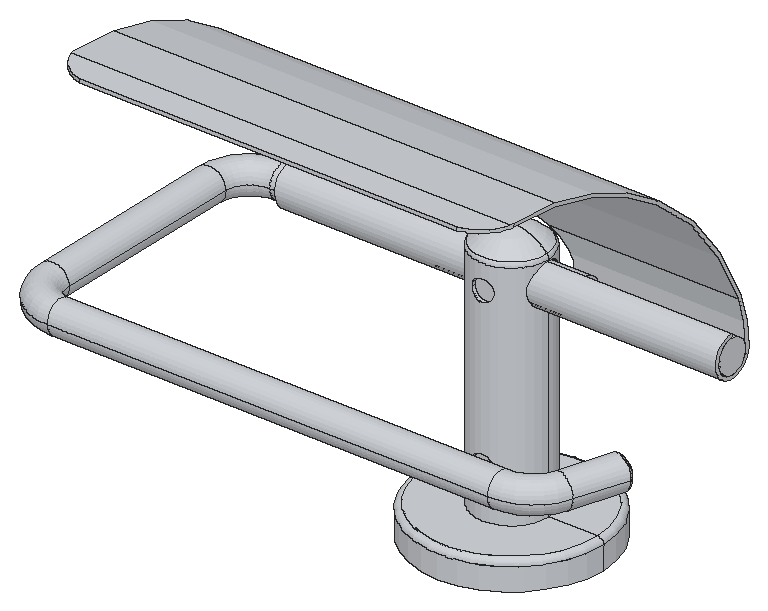
Revit family "Accessory-Tissue_Holder-KOHLER-KUMIN-K-97901T_1", category Specialty Equipment, host Face, Revit 2017
Family settings
  Host = Face
  Round Connector Dimension = Use Diameter
  Part Type = Normal
  OmniClass Number = 23.31.25.00
  Cut with Voids When Loaded = No
  Shared = No
  Room Calculation Point = No
Parameters (values of type "CP-Polished Chrome")
  Width = 5 121/256"  # constant formula
  WaterSense Certified = 1 = 0  # no
  URL = "https://www.kohler.com.cn/"
  Type = 1
  Product Page URL = "https://www.kohler.com.cn/product/K-97901T-CP/K-97901T-CP/"
  Product Name = "KUMIN"  # constant formula
  Product Documentation Link = "https://files.kohler.com.cn/pdfs/1489027735923_97878.pdf"
  Model = if(Type = 1, "K-97901T-CP", if(Type = 2, "K-97901T-BL", "NA"))  # "K-97901T-CP"
  Material = "Premium Metal Construction"  # constant formula
  Master Format 2014 Name = "Toilet, Bath, and Laundry Accessories"  # constant formula
  Master Format 2014 = "10 28 00"  # constant formula
  Manufacturer Address = "Kohler Beijing Office (100016) 36-2-03-B, No. 88, Liuxiang Road, Beijing"  # constant formula
  Manufacturer = "KOHLER Co."  # constant formula
  Length = 4 145/256"  # constant formula
  Height = 3 105/128"  # constant formula
  Finish = Kohler-Metal-CP-Polished_Chrome
  Environmental Product Declaration = ""
  Description = "Kemei toilet paper holder (with cover)"  # constant formula
  Default Elevation = 42"
  Declare Label = ""
  Date Modified = "10/15/2020"  # constant formula
  Date Created = "10/15/2020"  # constant formula
  Copyright = "Copyright KOHLER Co."  # constant formula
  Contact Us = "https://www.kohler.com.cn/contact/contact-us/"
  Assembly Code = "C1030200"
  ADA Compliant = 1 = 0  # no
Types (3): name | Type | Product Page URL | Model | Finish
  (no name) | 1 | "https://www.kohler.com.cn/product/K-97901T-CP/K-97901T-CP/" | "K-97901T-CP" | Kohler-Metal-CP-Polished_Chrome
  CP-Polished Chrome | 1 | "https://www.kohler.com.cn/product/K-97901T-CP/K-97901T-CP/" | "K-97901T-CP" | Kohler-Metal-CP-Polished_Chrome
  BL-Matte Black | 2 | "https://www.kohler.com.cn/product/K-97901T-CP/K-97901T-BL/" | "K-97901T-BL" | Kohler-Metal-BL-Matte_Black
Reference planes (in)
  plane 1 "Center (Front/Back)": y = 0
  plane 2: z = 0
  plane 3 "Center (Left/Right)": x = 0
  plane 4: z = 4.56641
  plane 5: y = -2.93307
  plane 6: z = 0.27559
  plane 7: y = 0.88724
  plane 8: y = -0.88583
  plane 9: z = 2.28346
  plane 10: x = 2.71474
  plane 11: x = -2.75792
  plane 12: x = -0.88583
  plane 13: x = 0.88583
Dimensions and locks (in)
  "Width": plane 11 to plane 10
  "Height": plane 5 to plane 7
  "Length": level to plane 4
  level to plane 9 = 2.28346"
  level to plane 6 = 0.27559"
  plane 8 to plane 7 = 1.77307"
  plane 12 to plane 13 = 1.77165"
  aligned and locked: plane 2 to host face
  aligned and locked: level to host face
Automatic sketch dimensions
  host sketch curve to host sketch curve = 96"  (x2)
Nested families (in)
  nested 1: "K-97901T" at (0, 0, 0), type "K-97901T"
Definition of nested family "K-97901T"
  Parameters (values of type "K-97901T")
    Material = none
  Reference planes (in)
    plane 1 "Center (Front/Back)": y = 0
    plane 2: z = 0
    plane 3 "Center (Left/Right)": x = 0
    plane 4: x = -0.88583
    plane 5: x = 0.88583
    plane 6: y = 0.88583
    plane 7: y = -0.88583
    plane 8: y = -2.93307
    plane 9: x = 2.71474
    plane 10: z = 0.27559
    plane 11: z = 2.28346
    plane 12: z = 4.56693
    plane 13: x = -2.7577
  Forms (in)
    Revolve 1, solid, material <- "Material", detail levels medium+fine
      sketch origin (0, 0, 0) x (1, 0, 0) y (0, 0, 1)
        loop
          line (0, 0) -> (0, 2.68881)
          arc (0, 2.68881) -> (-0.18472, 2.64974) -> (-0.3384, 2.54007) r 0.46219
          arc (-0.3384, 2.54007) -> (-0.35062, 2.52054) -> (-0.35488, 2.4979) r 0.06219
          line (-0.35488, 2.4979) -> (-0.35488, 0.27559) -> (-0.82846, 0.27559)
          arc (-0.82846, 0.27559) -> (-0.86902, 0.25879) -> (-0.88583, 0.21822) r 0.05737
          line (-0.88583, 0.21822) -> (-0.88583, 0) -> (0, 0)
        axis (0, 0) -> (0, 2.68881)
      angle from 0 to 360
    Sweep 2, solid, material <- "Material", detail levels medium+fine
      path origin (0, 3.21631, 2.28346) x (0, 1, 0) y (-1, 0, 0)
        loop
          line (-3.21631, -2.12598) -> (-3.21631, 2.20472)
          arc (-3.21631, 2.20472) -> (-3.33195, 2.48392) -> (-3.61115, 2.59957) r 0.39484
          line (-3.61115, 2.59957) -> (-5.50164, 2.59957)
          arc (-5.50164, 2.59957) -> (-5.77935, 2.48454) -> (-5.89438, 2.20683) r 0.39273
          line (-5.89438, 2.20683) -> (-5.89438, -2.03697)
          arc (-5.89438, -2.03697) -> (-5.8203, -2.26623) -> (-5.62608, -2.4088) r 0.3918
          line (-5.62608, -2.4088) -> (-5.00617, -2.61471)
      profile origin (-0.03937, 0, 2.28346) x (0, -1, 0) y (0, 0, 1)
        loop
          circle (-0.00059, -0.00048) r 0.15748
    Sweep 3, solid, material <- "Material", detail levels medium+fine
      path origin (0, 0, 0) x (0, 1, 0) y (0, 0, 1)
        loop
          arc (0, 2.46457) -> (-0.12991, 2.15728) -> (0.18103, 2.2782) r 0.1811
          arc (0.18103, 2.2782) -> (0.16293, 2.51813) -> (0.09551, 2.74911) r 1.15511
          arc (0.09551, 2.74911) -> (-0.31136, 3.44741) -> (-0.89454, 4.00693) r 2.91109
          arc (-0.89454, 4.00693) -> (-1.48475, 4.338) -> (-2.13462, 4.52676) r 2.96798
          arc (-2.13462, 4.52676) -> (-2.39292, 4.55866) -> (-2.65305, 4.56693) r 2.85811
          arc (-2.65305, 4.56693) -> (-2.79306, 4.56597) -> (-2.93307, 4.56693) r 10.1782
      profile origin (0, 0.18103, 2.2782) x (0, -0.999578, 0.029043) y (1, 0, 0)
        loop
          line (-0.01575, -2.1261) -> (0.01575, -2.1261) -> (0.01575, 2.12511) -> (-0.01575, 2.12511) -> (-0.01575, -2.1261)
    Revolve 4, void
      sketch origin (0, 3.21631, 2.28346) x (0, 1, 0) y (-1, 0, 0)
        loop
          line (-4.95095, -2.63367) -> (-4.87719, -2.41162) -> (-5.14473, -2.32275) -> (-5.16562, -2.38564) -> (-5.11562, -2.40225)
          arc (-5.11562, -2.40225) -> (-5.08466, -2.4214) -> (-5.06562, -2.45244) r 0.07874
          arc (-5.06562, -2.45244) -> (-5.05474, -2.52384) -> (-5.06769, -2.5949) r 0.21897
          line (-5.06769, -2.5949) -> (-4.95095, -2.63367)
        axis (-5.21849, -2.54481) -> (-4.95095, -2.63367)
      angle from 0 to 360
    Extrusion 5, void
      sketch origin (0, 0, 0) x (1, 0, 0) y (0, 1, 0)
        loop
          line (1.73928, -2.94073) -> (1.55193, -2.94073) -> (1.55193, -3.07852) -> (2.24159, -3.07852) -> (2.24159, -2.2525) -> (2.13298, -2.2525) -> (2.13298, -2.54703)
          arc (2.13298, -2.54703) -> (2.01767, -2.82542) -> (1.73928, -2.94073) r 0.3937
        loop
          arc (-1.73928, -2.94073) -> (-2.01767, -2.82542) -> (-2.13298, -2.54703) r 0.3937
          line (-2.13298, -2.54703) -> (-2.13298, -2.2525) -> (-2.24159, -2.2525) -> (-2.24159, -3.07852) -> (-1.55193, -3.07852) -> (-1.55193, -2.94073) -> (-1.73928, -2.94073)
      from 4.03758 to 5.27737
    Extrusion 6, void
      sketch origin (0, 0, 0) x (1, 0, 0) y (0, 0, 1)
        loop
          line (-0.4685, 1.93479) -> (0.47244, 1.93479) -> (0.47244, 2.46063)
          arc (0.47244, 2.46063) -> (0.00197, 2.84076) -> (-0.4685, 2.46063) r 0.48121
          line (-0.4685, 2.46063) -> (-0.4685, 1.93479)
      from -0.88668 to -0.02748
    Revolve 7, void
      sketch origin (0, 0, 0) x (1, 0, 0) y (0, 0, 1)
        loop
          line (-0.40779, 2.28346) -> (0.40779, 2.28346) -> (0.40779, 2.59254) -> (0.36419, 2.59254) -> (0.36419, 2.50646)
          arc (0.36419, 2.50646) -> (0.3573, 2.48982) -> (0.34066, 2.48293) r 0.02353
          line (0.34066, 2.48293) -> (-0.34095, 2.48293)
          arc (-0.34095, 2.48293) -> (-0.35759, 2.48982) -> (-0.36448, 2.50646) r 0.02353
          line (-0.36448, 2.50646) -> (-0.36448, 2.59254) -> (-0.40779, 2.59254) -> (-0.40779, 2.28346)
        axis (-0.40779, 2.28346) -> (0.40779, 2.28346)
      angle from 0 to 360
    Extrusion 8, solid, material <- "Material", detail levels medium+fine
      sketch origin (0, 0, 0) x (0, 1, 0) y (0, 0, 1)
        loop
          circle (0.00059, 2.28298) r 0.15748
        loop
          circle (0.00059, 2.28298) r 0.18276
      from -0.62712 to 0.69832
    Extrusion 9, void
      sketch origin (0, 0, 0) x (1, 0, 0) y (0, 0, 1)
        loop
          circle (0, 0.74871) r 0.10468
        loop
          circle (0, 2.26305) r 0.10541
      from 0.31323 to 0.94004
    Revolve 10, solid, material <- "Material", detail levels coarse
      sketch origin (0, 0, 0) x (1, 0, 0) y (0, 0, 1)
        loop
          line (0, 0) -> (0, 2.68499) -> (-0.2049, 2.68499)
          arc (-0.2049, 2.68499) -> (-0.31056, 2.64122) -> (-0.35433, 2.53555) r 0.14943
          line (-0.35433, 2.53555) -> (-0.35433, 0.27559) -> (-0.88583, 0.27559) -> (-0.88583, 0) -> (0, 0)
        axis (0, 0) -> (0, 2.68499)
      angle from 0 to 360
    Sweep 11, solid, material <- "Material", detail levels coarse
      path origin (0, 3.21631, 2.28346) x (0, 1, 0) y (-1, 0, 0)
        loop
          line (-3.21631, -2.12511) -> (-3.21631, 2.13247)
          arc (-3.21631, 2.13247) -> (-3.35299, 2.46244) -> (-3.68296, 2.59912) r 0.46665
          line (-3.68296, 2.59912) -> (-5.49389, 2.59912)
          arc (-5.49389, 2.59912) -> (-5.77228, 2.48381) -> (-5.88759, 2.20542) r 0.3937
          line (-5.88759, 2.20542) -> (-5.88759, -1.97812)
          arc (-5.88759, -1.97812) -> (-5.79547, -2.26305) -> (-5.55398, -2.44012) r 0.48671
          line (-5.55398, -2.44012) -> (-5.13054, -2.58044)
      profile origin (-0.00368, 0, 2.28346) x (0, -1, 0) y (0, 0, 1)
        loop
          circle (0, 0) r 0.1571
    Extrusion 12, solid, material <- "Material", detail levels coarse
      sketch origin (0, 0, 0) x (0, 1, 0) y (0, 0, 1)
        loop
          arc (0.08094, 2.74315) -> (0.14743, 2.51532) -> (0.16528, 2.27866) r 1.13937
          arc (0.16528, 2.27866) -> (-0.11861, 2.16825) -> (0, 2.44882) r 0.16535
          line (0, 2.44882) -> (0, 2.48031)
          arc (0, 2.48031) -> (-0.1412, 2.14631) -> (0.19677, 2.27775) r 0.19685
          arc (0.19677, 2.27775) -> (0.17842, 2.52095) -> (0.11009, 2.75507) r 1.17086
          arc (0.11009, 2.75507) -> (-0.29898, 3.45715) -> (-0.88532, 4.0197) r 2.92684
          arc (-0.88532, 4.0197) -> (-1.47867, 4.35252) -> (-2.13198, 4.54228) r 2.98373
          arc (-2.13198, 4.54228) -> (-2.3917, 4.57436) -> (-2.65327, 4.58268) r 2.87386
          arc (-2.65327, 4.58268) -> (-2.79306, 4.58171) -> (-2.93285, 4.58268) r 10.16245
          line (-2.93285, 4.58268) -> (-2.93285, 4.55118)
          arc (-2.93285, 4.55118) -> (-2.79284, 4.55022) -> (-2.65283, 4.55118) r 10.19395
          arc (-2.65283, 4.55118) -> (-2.39414, 4.54296) -> (-2.13726, 4.51123) r 2.84236
          arc (-2.13726, 4.51123) -> (-1.49084, 4.32347) -> (-0.90376, 3.99417) r 2.95223
          arc (-0.90376, 3.99417) -> (-0.32373, 3.43767) -> (0.08094, 2.74315) r 2.89534
      from -2.1261 to 2.12511
  Cuts and joins
    Extrusion 5, Extrusion 6 cuts Sweep 3
    Revolve 7, Extrusion 9 cuts Revolve 1
    Revolve 4 cuts Sweep 2
    joined: Revolve 1, Sweep 2, Extrusion 8
    joined: Revolve 10, Sweep 11, Extrusion 12
  Lines and regions (in)
    Masking region 1
      outline origin (0, 3.21631, 2.28346) x (0, 1, 0) y (-1, 0, 0)
        loop
          line (-3.02145, 0.86413) -> (-3.02145, 2.12859) -> (-3.05842, 2.12859)
          arc (-3.05842, 2.12859) -> (-3.18399, 2.55926) -> (-3.5863, 2.7577) r 0.55704
          line (-3.5863, 2.7577) -> (-5.48718, 2.7577)
          arc (-5.48718, 2.7577) -> (-5.88089, 2.59463) -> (-6.04396, 2.20092) r 0.55678
          line (-6.04396, 2.20092) -> (-6.04396, 2.01541)
          arc (-6.04396, 2.01541) -> (-6.11144, 1.92319) -> (-6.14959, 1.81546) r 0.3937
          line (-6.14959, 1.81546) -> (-6.14959, -1.81546)
          arc (-6.14959, -1.81546) -> (-6.11516, -1.91597) -> (-6.05511, -2.0036) r 0.3937
          arc (-6.05511, -2.0036) -> (-5.94623, -2.36339) -> (-5.6377, -2.57813) r 0.57261
          line (-5.6377, -2.57813) -> (-5.26545, -2.7063)
          arc (-5.26545, -2.7063) -> (-5.24442, -2.71079) -> (-5.22294, -2.71008) r 0.08871
          arc (-5.22294, -2.71008) -> (-5.07457, -2.60307) -> (-5.1256, -2.4274) r 0.15868
          arc (-5.1256, -2.4274) -> (-5.14252, -2.41335) -> (-5.16237, -2.40389) r 0.08871
          line (-5.16237, -2.40389) -> (-5.5455, -2.27676)
          arc (-5.5455, -2.27676) -> (-5.64992, -2.22306) -> (-5.71967, -2.12859) r 0.25765
          line (-5.71967, -2.12859) -> (-3.02145, -2.12859) -> (-3.02145, -0.86413)
          arc (-3.02145, -0.86413) -> (-2.33048, 0) -> (-3.02145, 0.86413) r 0.88583
    Masking region 2
      outline origin (0, 0, 0) x (1, 0, 0) y (0, 0, 1)
        loop
          line (2.12511, 4.56693) -> (-2.12511, 4.56693) -> (-2.12511, 2.44202) -> (-2.59852, 2.44202)
          arc (-2.59852, 2.44202) -> (-2.75761, 2.28293) -> (-2.59852, 2.12384) r 0.15909
          line (-2.59852, 2.12384) -> (-2.12598, 2.12384) -> (-2.12598, 2.08619) -> (-0.35433, 2.08619) -> (-0.35433, 0.27559) -> (-0.82236, 0.27559)
          arc (-0.82236, 0.27559) -> (-0.86322, 0.26111) -> (-0.88583, 0.22412) r 0.06486
          line (-0.88583, 0.22412) -> (-0.88583, 0) -> (0, 0) -> (0.88583, 0) -> (0.88583, 0.22412)
          arc (0.88583, 0.22412) -> (0.86322, 0.26111) -> (0.82236, 0.27559) r 0.06486
          line (0.82236, 0.27559) -> (0.35433, 0.27559) -> (0.35433, 2.08619) -> (2.12598, 2.08619) -> (2.12598, 2.12384) -> (2.55546, 2.12384)
          arc (2.55546, 2.12384) -> (2.71455, 2.28293) -> (2.55546, 2.44202) r 0.15909
          line (2.55546, 2.44202) -> (2.12511, 2.44202) -> (2.12511, 4.56693)
    Masking region 3
      outline origin (0, 0, 0) x (0, 1, 0) y (0, 0, 1)
        loop
          line (-0.88583, 0) -> (0.88583, 0) -> (0.88583, 0.21543)
          arc (0.88583, 0.21543) -> (0.86821, 0.25797) -> (0.82567, 0.27559) r 0.06016
          line (0.82567, 0.27559) -> (0.35488, 0.27559) -> (0.35488, 2.49015)
          arc (0.35488, 2.49015) -> (0.35056, 2.51648) -> (0.33805, 2.54005) r 0.08236
          arc (0.33805, 2.54005) -> (0.24672, 2.61607) -> (0.139, 2.66622) r 0.46108
          arc (0.139, 2.66622) -> (-0.27478, 3.41058) -> (-0.88532, 4.00432) r 2.92684
          arc (-0.88532, 4.00432) -> (-1.47867, 4.33714) -> (-2.13198, 4.5269) r 2.98373
          arc (-2.13198, 4.5269) -> (-2.40222, 4.55977) -> (-2.67436, 4.56693) r 2.87386
          line (-2.67436, 4.56693) -> (-2.93307, 4.56693) -> (-2.93307, 4.53543) -> (-2.67402, 4.53543)
          arc (-2.67402, 4.53543) -> (-2.4047, 4.52838) -> (-2.13726, 4.49585) r 2.84236
          arc (-2.13726, 4.49585) -> (-1.49084, 4.30809) -> (-0.90376, 3.97879) r 2.95223
          arc (-0.90376, 3.97879) -> (-0.30674, 3.40049) -> (0.10138, 2.6764) r 2.89534
          arc (0.10138, 2.6764) -> (-0.13669, 2.66702) -> (-0.3383, 2.54005) r 0.46108
          arc (-0.3383, 2.54005) -> (-0.3502, 2.52126) -> (-0.35459, 2.49946) r 0.06113
          line (-0.35459, 2.49946) -> (-0.35459, 2.44057) -> (-2.68466, 2.44057)
          arc (-2.68466, 2.44057) -> (-2.84049, 2.28474) -> (-2.68466, 2.12891) r 0.15583
          line (-2.68466, 2.12891) -> (-0.35459, 2.12891) -> (-0.35459, 0.27559) -> (-0.82677, 0.27559)
          arc (-0.82677, 0.27559) -> (-0.86853, 0.25829) -> (-0.88583, 0.21654) r 0.05906
          line (-0.88583, 0.21654) -> (-0.88583, 0)
    symbolic lines, detail levels medium+fine
      curve 1: arc (0.83924, 0.19726, 2.28346) -> (-0.00173, 0.86259, 2.28346) -> (-0.84079, 0.19486, 2.28346) r 0.86259
      curve 2: arc (-0.46431, 0.19486, 2.28346) -> (0.00333, 0.0717, 2.28346) -> (0.47032, 0.19726, 2.28346) r 0.9402
      curve 3: arc (-0.32955, 0.13168, 2.28346) -> (0.00091, 0.35489, 2.28346) -> (0.33137, 0.13168, 2.28346) r 0.35623
      curve 4: line (-0.86413, 0.19486, 2.28346) -> (-0.29642, 0.19486, 2.28346)
      curve 5: line (0.29664, 0.19726, 2.28346) -> (0.86358, 0.19726, 2.28346)
      curve 6: line (-2.12841, -0.1547, 2.28346) -> (-2.17152, -0.1547, 2.28346)
      curve 7: arc (-2.17152, -0.1547, 2.28346) -> (-2.36183, -0.23353, 2.28346) -> (-2.44066, -0.42384, 2.28346) r 0.26914
      curve 8: line (-2.44066, -0.42384, 2.28346) -> (-2.44066, -2.29983, 2.28346)
      curve 9: arc (-2.44066, -2.29983, 2.28346) -> (-2.37751, -2.45229, 2.28346) -> (-2.22505, -2.51544, 2.28346) r 0.21561
      curve 10: line (-2.22505, -2.51544, 2.28346) -> (-2.12841, -2.51544, 2.28346)
      curve 11: line (-2.12841, 0.15787, 2.28346) -> (-2.12841, -2.62033, 2.28346)
      curve 12: arc (-2.12841, -2.62033, 2.28346) -> (-2.099, -2.73784, 2.28346) -> (-2.01772, -2.82766, 2.28346) r 0.24951
      curve 13: line (2.12859, -2.50336, 2.28346) -> (2.12859, -2.61164, 2.28346)
      curve 14: arc (2.12859, -2.61164, 2.28346) -> (2.09528, -2.74128, 2.28346) -> (2.0036, -2.83881, 2.28346) r 0.26893
      curve 15: line (-2.7577, -0.41613, 2.28346) -> (-2.44055, -0.41613, 2.28346)
      curve 16: line (-2.75683, -2.30194, 2.28346) -> (-2.44065, -2.30194, 2.28346)
      curve 17: line (-2.16046, -2.51544, 2.28346) -> (-2.16046, -2.82713, 2.28346)
      curve 18: line (2.40389, -1.94607, 2.28346) -> (2.70598, -2.05008, 2.28346)
      curve 19: line (2.27676, -2.32919, 2.28346) -> (2.57507, -2.43191, 2.28346)
      curve 20: line (0.88583, 0, 0.22717) -> (-0.88511, 0, 0.22717)
      curve 21: line (0.35433, 0, 0.27559) -> (-0.35548, 0, 0.27559)
      curve 22: line (0.34066, 0, 2.45637) -> (0.35433, 0, 2.08619)
      curve 23: line (-0.35433, 0, 2.08619) -> (-0.34095, 0, 2.45694)
      curve 24: spline (0.35493, 0, 2.4878) -> (0.35473, 0, 2.4872) -> (0.35435, 0, 2.48623) -> (0.35379, 0, 2.48487) -> (0.35303, 0, 2.48313) -> (0.3521, 0, 2.48103) -> (0.35098, 0, 2.47855) -> (0.34969, 0, 2.47571) -> (0.34822, 0, 2.47252) -> (0.34658, 0, 2.46898) -> (0.34477, 0, 2.46511) -> (0.34279, 0, 2.4609) -> (0.34066, 0, 2.45637)
      curve 25: spline (-0.34095, 0, 2.45694) -> (-0.34309, 0, 2.46135) -> (-0.34506, 0, 2.46544) -> (-0.34686, 0, 2.46922) -> (-0.34849, 0, 2.47266) -> (-0.34994, 0, 2.47577) -> (-0.35121, 0, 2.47853) -> (-0.3523, 0, 2.48094) -> (-0.3532, 0, 2.483) -> (-0.35392, 0, 2.48469) -> (-0.35444, 0, 2.48602) -> (-0.35478, 0, 2.48698) -> (-0.35493, 0, 2.48758)
      curve 26: arc (0.33963, 0, 2.53798) -> (0.3542, 0, 2.515) -> (0.35493, 0, 2.4878) r 0.05118
      curve 27: arc (0.33963, 0, 2.53798) -> (-0.00031, 0, 2.69081) -> (-0.34025, 0, 2.53798) r 0.45449
      curve 28: arc (-0.35493, 0, 2.48758) -> (-0.35277, 0, 2.51429) -> (-0.34025, 0, 2.53798) r 0.06649
      curve 29: arc (0.47244, 0, 2.46063) -> (0.00197, 0, 2.84076) -> (-0.4685, 0, 2.46063) r 0.48121
      curve 30: line (0.47244, 0, 2.46063) -> (0.47244, 0, 2.08619)
      curve 31: line (-0.4685, 0, 2.46063) -> (-0.4685, 0, 2.08854)
      curve 32: line (2.12598, 0, 2.08619) -> (0.35433, 0, 2.08619)
      curve 33: line (2.12511, 0, 2.44882) -> (2.12511, 0, 2.15177)
      curve 34: line (2.12511, 0, 2.28346) -> (0.47244, 0, 2.28346)
      curve 35: line (-0.4685, 0, 2.28346) -> (-2.12588, 0, 2.28346)
      curve 36: line (0.35493, 0, 2.4878) -> (-0.35495, 0, 2.4878)
      curve 37: line (0.35466, 0, 2.51337) -> (-0.35303, 0, 2.51337)
      curve 38: line (0.47244, 0, 2.46063) -> (0.34366, 0, 2.46063)
      curve 39: line (-0.4685, 0, 2.46063) -> (-0.34231, 0, 2.46063)
      curve 40: arc (2.55546, 0, 2.44202) -> (2.39637, 0, 2.28293) -> (2.55546, 0, 2.12384) r 0.15909
      curve 41: arc (2.40782, 0, 2.44202) -> (2.24873, 0, 2.28293) -> (2.40782, 0, 2.12384) r 0.15909
      curve 42: line (-2.12588, 0, 2.44202) -> (-2.12588, 0, 2.12321)
      curve 43: line (0, 0.88583, 0.21543) -> (0, -0.88582, 0.21543)
      curve 44: line (0, 0.35488, 0.27559) -> (0, -0.35459, 0.27559)
      curve 45: line (0, -0.35459, 2.44057) -> (0, -0.00113, 2.44057)
      curve 46: arc (0, -0.00113, 2.44057) -> (0, 0.15641, 2.28389) -> (0, 0.00059, 2.1255) r 0.15754
      curve 47: line (0, 0.00059, 2.1255) -> (0, -0.35531, 2.1255)
      curve 48: arc (0, 0, 2.48031) -> (0, -0.1412, 2.14631) -> (0, 0.19677, 2.27775) r 0.19685
      curve 49: arc (0, 0, 2.44882) -> (0, -0.02611, 2.44674) -> (0, -0.05157, 2.44057) r 0.16535
      curve 50: line (0, 0, 2.48031) -> (0, 0, 2.44882)
      curve 51: arc (0, 0.16528, 2.27866) -> (0, 0.15212, 2.48055) -> (0, 0.10138, 2.6764) r 1.07574
      curve 52: arc (0, 0.139, 2.66622) -> (0, 0.18509, 2.47454) -> (0, 0.19677, 2.27775) r 1.11727
      curve 53: arc (0, 0, 2.48031) -> (0, 0.09177, 2.45763) -> (0, 0.16238, 2.39479) r 0.19692
      curve 54: arc (0, 0, 2.45805) -> (0, 0.11697, 2.4096) -> (0, 0.16542, 2.29263) r 0.16542
      curve 55: line (0, 0.3458, 2.52775) -> (0, 0.17585, 2.52775)
      curve 56: line (0, 0.35488, 2.50246) -> (0, 0.18057, 2.50246)
      curve 57: line (0, 0.14345, 2.52775) -> (0, -0.34714, 2.52775)
      curve 58: line (0, 0.14837, 2.50246) -> (0, -0.35402, 2.50246)
      curve 59: line (0, -0.60076, 2.44057) -> (0, -0.60076, 2.12891)
      curve 60: line (0, -2.14567, 2.44057) -> (0, -2.14567, 2.12891)
      curve 61: arc (0, -0.04889, 2.1255) -> (0, 0.09618, 2.14896) -> (0, 0.16528, 2.27866) r 0.16535
  Dimensions and locks (in)
    plane 6 to plane 8 = 3.8189"
    plane 10 to level = 0.27559"
    plane 12 to level = 4.56693"
    plane 11 to level = 2.28346"
    plane 13 to plane 9 = 5.47244"
    aligned and locked: plane 2 to level
